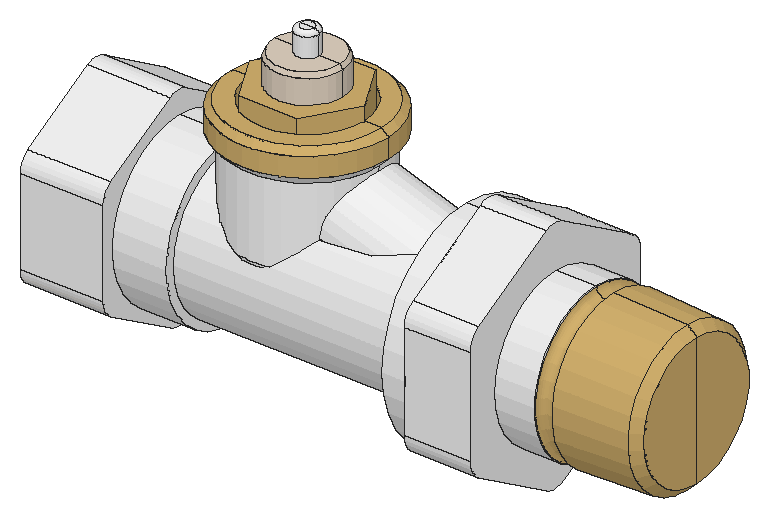
Revit family "Resideo_StraightTRV_V2000Dxxx", category Pipe Fittings, Revit 2019
Family settings
  Round Connector Dimension = Use Diameter
  Part Type = Transition
  OmniClass Number = 23.65.55.14
  OmniClass Title = Valves for Liquid Services
  Work Plane-Based = No
  Always vertical = Yes
  Cut with Voids When Loaded = No
  Shared = No
Parameters (values of type "V2000DSX20")
  pH-Value = "8 - 9.5"
  _ObjectUserGuide = "https://www.bimstore.co/products/straight-thermostatic-radiator-valve-v2000d/document/object-user-guide"
  _DistributedBy = "https://www.bimstore.co/"
  _CurrentRevision = 1
  _CreatedBy = "https://www.bimstore.co/"
  _BimSpecGuid = 0
  _BSBibleVersion = 16
  _AuthorizedBy = "bimstore"
  _Author = "AM"
  WarrantyStartDate [instance] = "Please record on commissioning"
  WarrantyGuarantorParts = "https://www.resideo.com/gb/en/contact-us/"
  WarrantyGuarantorLabor = "https://www.resideo.com/gb/en/contact-us/"
  WarrantyDurationUnit = "Year"
  WarrantyDurationParts = "0"
  WarrantyDurationLabor = "0"
  WarrantyDescription = "n/a"
  ValveType = "V2000, SX-type"
  ValveInsertMaterial = Resideo - Plastic - Ivory
  URL = "https://www.resideo.com/"
  TypeName = "V2000DSX20"
  Type Comments = "TRV BODY, DN20 STRAIGHT, SX, RP3/4"
  ThermostatConnectionType = "M30x1,5 (11,5 mm closing dimension)"
  SpareParts = "n/a"
  Size = "DN20"
  Shape = "n/a"
  SerialNumber [instance] = "Please record on commissioning"
  SecondaryMaterial = Resideo - Brass
  ReplacementCost = "n/a"
  ReferencedStandard = "n/a"
  ProductionYear = "2022"
  PrimaryMaterial = Resideo - Stainless Steel - Brushed
  PresettableKV = "Yes"
  NominalLength = 80.3 mm
  NominalHeight = 57.3 mm
  NominalDepth = 37.1 mm
  NBSReference = "90-10-90/364"
  NBSOfficeMasterTag = "n/a"
  NBSObjectName = "Resideo - Thermostatic radiator valves"
  NBSNote = "n/a"
  NBSDescription = "Thermostatic radiator valves"
  ModelReference = "TRV BODY, DN20 STRAIGHT, SX, RP3/4"
  ModelNumber = "V2000DSX20"
  Model = "V2000DSX20"
  MinimumMediumTemperature = "-10 °С (without freezing)"
  MediumType = "Water or water-glycol mixture, quality to VDI 2035"
  MaximumOperatingPressure = 10.0 bar
  MaximumMediumTemperature = "120 °С"
  MaximumDifferentialPressureForQuietOperation = 0.2 bar
  MaximumDifferentialPressure = 1.0 bar
  Material = "n/a"
  ManufacturerName = "Resideo"
  Manufacturer = "Resideo"
  Keynote = "R11/180"
  InstallationDate [instance] = "Please record on commissioning"
  InsertType = "VS1200SX01 (valve insert, SX-type)"
  IfcExportType = "IfcValveTypeEnum.REGULATING"
  IfcExportAs = "IfcValve"
  Grade = "n/a"
  FlowCapacity = 0.7 m³/h
  Finish = "n/a"
  Features = "n/a"
  ExpectedLife = 0
  DurationUnit = "Year"
  DocumentationTechnical = "https://www.bimstore.co/products/straight-thermostatic-radiator-valve-v2000d/document/technical-data-sheet"
  DocumentationMaintenance = "https://www.bimstore.co/products/straight-thermostatic-radiator-valve-v2000d/document/maintenance-information"
  DocumentationLiterature = "https://www.bimstore.co/products/straight-thermostatic-radiator-valve-v2000d/document/product-literature"
  DocumentationInstallationGuide = "https://www.bimstore.co/products/straight-thermostatic-radiator-valve-v2000d/document/installation-guide"
  DocumentationCertificates = "https://www.bimstore.co/products/straight-thermostatic-radiator-valve-v2000d/document/product-certificates"
  Description = "TRV BODY, DN20 STRAIGHT, SX, RP3/4"
  DNSize = 20.0 mm
  DN20 = ConnectionDia = 20.0 mm  # yes
  DN15 = ConnectionDia = 15.0 mm  # no
  DN10 = ConnectionDia = 10.0 mm  # no
  CreatedOn = "2022-04-05 T09:00:00"
  CreatedBy = "https://www.resideo.com/gb/en/contact-us/"
  Cost = 0
  Constituents = "n/a"
  ConnectorOffset = 80.3 mm
  ConnectionSize = "3/4 inch"
  ConnectionDia = 20.0 mm
  ConnectionRadius = ConnectionDia / 2  # 10.0 mm
  Color = "n/a"
  CodePerformance = "n/a"
  ClassificationValue = "Pr_65_54_95_89"
  ClassificationName = "Uniclass2015"
  BarCode [instance] = "Please record on commissioning"
  BIMObjectName = "Resideo_StraightTRV_V2000D"
  AssetType = "Fixed"
  AssetIdentifier [instance] = "Please record on commissioning"
  Assembly Code = "D2040100"
  AccessibilityPerformance = "n/a"
Types (6, lengths in mm): name | ValveType | ValveInsertMaterial | TypeName | Type Comments | Size | NominalLength | NominalHeight | NominalDepth | ModelReference | ModelNumber | Model | InsertType | FlowCapacity | Description | DNSize | DN20 | DN15 | DN10 | ConnectorOffset | ConnectionSize | ConnectionDia | ConnectionRadius
  V2000DSX10 | "V2000, SX-type" | Resideo - Plastic - Ivory | "V2000DSX10" | "TRV BODY, DN10 STRAIGHT, SX, RP3/8" | "DN10" | 65.7 | 53.5 | 30.0 | "TRV BODY, DN10 STRAIGHT, SX, RP3/8" | "V2000DSX10" | "V2000DSX10" | "VS1200SX01 (valve insert, SX-type)" | 0.7 m³/h | "TRV BODY, DN10 STRAIGHT, SX, RP3/8" | 10.0 | no | no | yes | 65.726 | "3/8 inch" | 10.0 | 5.0
  V2000DSX15 | "V2000, SX-type" | Resideo - Plastic - Ivory | "V2000DSX15" | "TRV BODY, DN15 STRAIGHT, SX, RP1/2" | "DN15" | 72.3 | 55.4 | 30.1 | "TRV BODY, DN15 STRAIGHT, SX, RP1/2" | "V2000DSX15" | "V2000DSX15" | "VS1200SX01 (valve insert, SX-type)" | 0.7 m³/h | "TRV BODY, DN15 STRAIGHT, SX, RP1/2" | 15.0 | no | yes | no | 72.3 | "1/2 inch" | 15.0 | 7.5
  V2000DSX20 | "V2000, SX-type" | Resideo - Plastic - Ivory | "V2000DSX20" | "TRV BODY, DN20 STRAIGHT, SX, RP3/4" | "DN20" | 80.3 | 57.3 | 37.1 | "TRV BODY, DN20 STRAIGHT, SX, RP3/4" | "V2000DSX20" | "V2000DSX20" | "VS1200SX01 (valve insert, SX-type)" | 0.7 m³/h | "TRV BODY, DN20 STRAIGHT, SX, RP3/4" | 20.0 | yes | no | no | 80.3 | "3/4 inch" | 20.0 | 10.0
  V2000DFX10 | "V2000, FX-type" | Resideo - Plastic - Red | "V2000DFX10" | "TRV BODY, DN10 STRAIGHT, FX, RP3/8" | "DN10" | 65.7 | 53.5 | 30.0 | "TRV BODY, DN10 STRAIGHT, FX, RP3/8" | "V2000DFX10" | "V2000DFX10" | "VS1200FX01 (valve insert, FX-type)" | 0.285 m³/h | "TRV BODY, DN10 STRAIGHT, FX, RP3/8" | 10.0 | no | no | yes | 65.726 | "3/8 inch" | 10.0 | 5.0
  V2000DFX15 | "V2000, FX-type" | Resideo - Plastic - Red | "V2000DFX15" | "TRV BODY, DN15 STRAIGHT, FX, RP1/2" | "DN15" | 72.3 | 55.4 | 30.1 | "TRV BODY, DN15 STRAIGHT, FX, RP1/2" | "V2000DFX15" | "V2000DFX15" | "VS1200FX01 (valve insert, FX-type)" | 0.285 m³/h | "TRV BODY, DN15 STRAIGHT, FX, RP1/2" | 15.0 | no | yes | no | 72.3 | "1/2 inch" | 15.0 | 7.5
  V2000DLX15 | "V2000, LX-type" | Resideo - Plastic - Dark Green | "V2000DLX15" | "TRV BODY, DN15 STRAIGHT, LX, RP1/2" | "DN15" | 72.3 | 55.4 | 30.1 | "TRV BODY, DN15 STRAIGHT, LX, RP1/2" | "V2000DLX15" | "V2000DLX15" | "VS1200LX01 (valve insert, LX-type)" | 1.08 m³/h | "TRV BODY, DN15 STRAIGHT, LX, RP1/2" | 15.0 | no | yes | no | 72.3 | "1/2 inch" | 15.0 | 7.5
Reference planes
  plane 1 "Center (Front/Back)": y = 0
  plane 2: z = 0
  plane 3 "Center (Left/Right)": x = 0
  plane 4: x = -40.15
  plane 5: x = 40.15
Forms (mm)
  Revolve 1, solid, material "Resideo - Stainless Steel - Brushed" <- "PrimaryMaterial", visible <- "DN10"
    sketch origin (0, 0, 0) x (1, 0, 0) y (0, 0, 1)
      loop
        line (-20.349, -8.3) -> (1.682, -8.3) -> (4.053, -8.677) -> (16.821, -8.677) -> (20.287, -12.142) -> (20.287, -13.5) -> (24.287, -13.5) -> (24.287, 0) -> (-20.349, 0) -> (-20.349, -8.3)
      loop
        line (38.831, -8.5) -> (38.831, 0) -> (32.863, 0) -> (32.863, -8.5) -> (38.831, -8.5)
      axis (-20.349, 0) -> (38.831, 0)
    angle from 0 to 360
  Extrusion 2, solid, material "Resideo - Stainless Steel - Brushed" <- "PrimaryMaterial", visible <- "DN10"
    sketch origin (0, 0, 0) x (0, 1, 0) y (0, 0, 1)
      loop
        line (-2.292, 11.379) -> (-8.708, 7.674)
        arc (-8.708, 7.674) -> (-10.386, 5.996) -> (-11, 3.705) r 4.583
        line (-11, 3.705) -> (-11, -3.705)
        arc (-11, -3.705) -> (-10.386, -5.996) -> (-8.708, -7.674) r 4.583
        line (-8.708, -7.674) -> (-2.292, -11.379)
        arc (-2.292, -11.379) -> (0, -11.993) -> (2.292, -11.379) r 4.583
        line (2.292, -11.379) -> (8.708, -7.674)
        arc (8.708, -7.674) -> (10.386, -5.996) -> (11, -3.705) r 4.583
        line (11, -3.705) -> (11, 3.705)
        arc (11, 3.705) -> (10.386, 5.996) -> (8.708, 7.674) r 4.583
        line (8.708, 7.674) -> (2.292, 11.379)
        arc (2.292, 11.379) -> (0, 11.993) -> (-2.292, 11.379) r 4.583
      loop
        circle (0, 0) r 10
    from -32.863 to -20.349
  Extrusion 3, solid, material "Resideo - Stainless Steel - Brushed" <- "PrimaryMaterial", visible <- "DN10"
    sketch origin (0, 0, 0) x (0, 1, 0) y (0, 0, 1)
      loop
        line (-8.87, 11.636) -> (-14.512, 1.864)
        arc (-14.512, 1.864) -> (-15.012, 0) -> (-14.512, -1.864) r 3.727
        line (-14.512, -1.864) -> (-8.87, -11.636)
        arc (-8.87, -11.636) -> (-7.506, -13.001) -> (-5.642, -13.5) r 3.727
        line (-5.642, -13.5) -> (5.642, -13.5)
        arc (5.642, -13.5) -> (7.506, -13.001) -> (8.87, -11.636) r 3.727
        line (8.87, -11.636) -> (14.512, -1.864)
        arc (14.512, -1.864) -> (15.012, 0) -> (14.512, 1.864) r 3.727
        line (14.512, 1.864) -> (8.87, 11.636)
        arc (8.87, 11.636) -> (7.506, 13.001) -> (5.642, 13.5) r 3.727
        line (5.642, 13.5) -> (-5.642, 13.5)
        arc (-5.642, 13.5) -> (-7.506, 13.001) -> (-8.87, 11.636) r 3.727
    from 24.287 to 32.863
  Revolve 4, solid, material "Resideo - Stainless Steel - Brushed" <- "PrimaryMaterial", visible <- "DN10"
    sketch origin (0, 0, 0) x (1, 0, 0) y (0, 0, 1)
      loop
        line (-4.782, 24.423) -> (-19.782, 24.423) -> (-16.782, 20.959) -> (-16.782, 5.66)
        spline (-16.782, 5.66) -> (-16.679, 5.133) -> (-16.373, 4.614) -> (-15.868, 4.113) -> (-15.174, 3.639) -> (-14.302, 3.199) -> (-13.267, 2.802) -> (-12.087, 2.453) -> (-10.782, 2.159) -> (-9.374, 1.925) -> (-7.888, 1.756) -> (-6.348, 1.652) -> (-4.782, 1.618)
        line (-4.782, 1.618) -> (-4.782, 24.423)
      axis (-4.782, 24.423) -> (-4.782, 1.618)
    angle from 0 to 360
  Revolve 5, solid, material "Resideo - Brass" <- "SecondaryMaterial", visible <- "DN10"
    sketch origin (0, 0, 0) x (1, 0, 0) y (0, 0, 1)
      loop
        line (-19.782, 24.423) -> (-4.782, 24.423) -> (-4.782, 25.423) -> (-16.032, 25.423) -> (-16.032, 28.185) -> (-18.282, 28.185) -> (-19.782, 26.685) -> (-19.782, 24.423)
      axis (-4.782, 24.423) -> (-4.782, 28.185)
    angle from 0 to 360
  Revolve 6, solid, material "Resideo - Stainless Steel - Brushed" <- "PrimaryMaterial", visible <- "DN10"
    sketch origin (0, 0, 0) x (1, 0, 0) y (0, 0, 1)
      loop
        line (-4.782, 40) -> (-5.965, 40)
        arc (-5.965, 40) -> (-6.528, 39.767) -> (-6.762, 39.203) r 0.797
        line (-6.762, 39.203) -> (-6.762, 35.95) -> (-4.782, 35.95) -> (-4.782, 40)
      axis (-4.782, 35.95) -> (-4.782, 40)
    angle from 0 to 360
  Extrusion 7, solid, material "Resideo - Brass" <- "SecondaryMaterial", visible <- "DN10"
    sketch origin (0, 0, 0) x (1, 0, 0) y (0, 1, 0)
      loop
        line (-16.032, 0) -> (-10.407, -9.743) -> (0.843, -9.743) -> (6.468, 0) -> (0.843, 9.743) -> (-10.407, 9.743) -> (-16.032, 0)
    from 25.423 to 30.95
  Revolve 8, solid, material "Resideo - Plastic - Ivory" <- "ValveInsertMaterial", visible <- "DN10"
    sketch origin (0, 0, 0) x (1, 0, 0) y (0, 0, 1)
      loop
        line (-4.782, 35.95) -> (-10.524, 35.95) -> (-10.986, 35.151) -> (-10.986, 30.95) -> (-4.782, 30.95) -> (-4.782, 35.95)
      axis (-4.782, 30.95) -> (-4.782, 35.95)
    angle from 0 to 360
  Revolve 9, solid, material "Resideo - Brass" <- "SecondaryMaterial", visible <- "DN10"
    sketch origin (0, 0, 0) x (1, 0, 0) y (0, 0, 1)
      loop
        line (49.381, -8.18) -> (50.93, -6.631) -> (50.93, 0) -> (38.831, 0) -> (38.831, -8.5)
        arc (38.831, -8.5) -> (39.804, -7.5) -> (40.83, -8.447) r 1
        line (40.83, -8.447) -> (49.381, -8.18)
      axis (38.831, 0) -> (50.93, 0)
    angle from 0 to 360
  Revolve 10, solid, material "Resideo - Stainless Steel - Brushed" <- "PrimaryMaterial", visible <- "DN15"
    sketch origin (0, 0, 0) x (1, 0, 0) y (0, 0, 1)
      loop
        line (26.162, -14.997) -> (26.162, 0) -> (-24.214, 0) -> (-24.214, -12.5) -> (-15.662, -12.5) -> (-15.662, -10.426) -> (17.902, -10.426) -> (22.162, -12.179) -> (22.162, -14.997) -> (26.162, -14.997)
      loop
        line (41.701, -10.605) -> (41.701, 0) -> (36.15, 0) -> (36.15, -10.605) -> (41.701, -10.605)
      axis (-24.214, 0) -> (41.701, 0)
    angle from 0 to 360
  Revolve 11, solid, material "Resideo - Brass" <- "SecondaryMaterial", visible <- "DN15"
    sketch origin (0, 0, 0) x (1, 0, 0) y (0, 0, 1)
      loop
        line (44.618, -10.605) -> (56.318, -10.24) -> (57.818, -8.784) -> (57.818, 0) -> (41.701, 0) -> (41.701, -10.605)
        arc (41.701, -10.605) -> (43.16, -9.486) -> (44.618, -10.605) r 1.51
      axis (41.701, 0) -> (57.818, 0)
    angle from 0 to 360
  Revolve 12, solid, material "Resideo - Stainless Steel - Brushed" <- "PrimaryMaterial", visible <- "DN15"
    sketch origin (0, 0, 0) x (1, 0, 0) y (0, 0, 1)
      loop
        line (-19.162, 22.923) -> (-16.162, 19.747) -> (-16.162, 6.291)
        spline (-16.162, 6.291) -> (-16.059, 5.699) -> (-15.753, 5.117) -> (-15.249, 4.555) -> (-14.554, 4.023) -> (-13.682, 3.53) -> (-12.647, 3.084) -> (-11.467, 2.693) -> (-10.162, 2.363) -> (-8.754, 2.101) -> (-7.268, 1.91) -> (-5.728, 1.794) -> (-4.162, 1.755)
        line (-4.162, 1.755) -> (-4.162, 22.923) -> (-19.162, 22.923)
      axis (-4.162, 22.923) -> (-4.162, 1.755)
    angle from 0 to 360
  Revolve 13, solid, material "Resideo - Brass" <- "SecondaryMaterial", visible <- "DN15"
    sketch origin (0, 0, 0) x (1, 0, 0) y (0, 0, 1)
      loop
        line (-19.162, 22.923) -> (-4.162, 22.923) -> (-4.162, 23.923) -> (-15.412, 23.923) -> (-15.412, 26.685) -> (-18.162, 26.685) -> (-19.162, 26) -> (-19.162, 22.923)
      axis (-4.162, 26.685) -> (-4.162, 22.923)
    angle from 0 to 360
  Revolve 14, solid, material "Resideo - Stainless Steel - Brushed" <- "PrimaryMaterial", visible <- "DN15"
    sketch origin (0, 0, 0) x (1, 0, 0) y (0, 0, 1)
      loop
        line (-4.162, 38.5) -> (-5.378, 38.5)
        arc (-5.378, 38.5) -> (-5.918, 38.276) -> (-6.142, 37.736) r 0.764
        line (-6.142, 37.736) -> (-6.142, 34.45) -> (-4.162, 34.45) -> (-4.162, 38.5)
      axis (-4.162, 34.45) -> (-4.162, 38.5)
    angle from 0 to 360
  Extrusion 15, solid, material "Resideo - Brass" <- "SecondaryMaterial", visible <- "DN15"
    sketch origin (0, 0, 0) x (1, 0, 0) y (0, 1, 0)
      loop
        line (-15.412, 0) -> (-9.787, -9.743) -> (1.463, -9.743) -> (7.088, 0) -> (1.463, 9.743) -> (-9.787, 9.743) -> (-15.412, 0)
    from 23.923 to 29.45
  Revolve 16, solid, material "Resideo - Plastic - Ivory" <- "ValveInsertMaterial", visible <- "DN15"
    sketch origin (0, 0, 0) x (1, 0, 0) y (0, 0, 1)
      loop
        line (-4.162, 34.45) -> (-9.904, 34.45) -> (-10.366, 33.651) -> (-10.366, 29.45) -> (-4.162, 29.45) -> (-4.162, 34.45)
      axis (-4.162, 29.45) -> (-4.162, 34.45)
    angle from 0 to 360
  Extrusion 17, solid, material "Resideo - Stainless Steel - Brushed" <- "PrimaryMaterial", visible <- "DN15"
    sketch origin (0, 0, 0) x (0, 1, 0) y (0, 0, 1)
      loop
        line (-1.789, 14.555) -> (-11.711, 8.827)
        arc (-11.711, 8.827) -> (-13.02, 7.518) -> (-13.5, 5.731) r 3.578
        line (-13.5, 5.731) -> (-13.5, -5.728)
        arc (-13.5, -5.728) -> (-13.021, -7.517) -> (-11.712, -8.826) r 3.578
        line (-11.712, -8.826) -> (-1.789, -14.555)
        arc (-1.789, -14.555) -> (-0.001, -15.035) -> (1.787, -14.556) r 3.578
        line (1.787, -14.556) -> (11.711, -8.827)
        arc (11.711, -8.827) -> (13.021, -7.517) -> (13.5, -5.728) r 3.578
        line (13.5, -5.728) -> (13.5, 5.73)
        arc (13.5, 5.73) -> (13.02, 7.518) -> (11.711, 8.827) r 3.578
        line (11.711, 8.827) -> (1.789, 14.555)
        arc (1.789, 14.555) -> (0, 15.035) -> (-1.789, 14.555) r 3.578
      loop
        circle (0, 0) r 10
    from -36.15 to -24.214
  Extrusion 18, solid, material "Resideo - Stainless Steel - Brushed" <- "PrimaryMaterial", visible <- "DN15"
    sketch origin (0, 0, 0) x (0, 1, 0) y (0, 0, 1)
      loop
        line (-15.053, 6.773) -> (-15.053, -6.773)
        arc (-15.053, -6.773) -> (-14.608, -8.434) -> (-13.393, -9.65) r 3.322
        line (-13.393, -9.65) -> (-1.661, -16.423)
        arc (-1.661, -16.423) -> (0, -16.868) -> (1.661, -16.423) r 3.322
        line (1.661, -16.423) -> (13.393, -9.65)
        arc (13.393, -9.65) -> (14.608, -8.434) -> (15.053, -6.773) r 3.322
        line (15.053, -6.773) -> (15.053, 6.773)
        arc (15.053, 6.773) -> (14.608, 8.434) -> (13.393, 9.65) r 3.322
        line (13.393, 9.65) -> (1.661, 16.423)
        arc (1.661, 16.423) -> (0, 16.868) -> (-1.661, 16.423) r 3.322
        line (-1.661, 16.423) -> (-13.393, 9.65)
        arc (-13.393, 9.65) -> (-14.608, 8.434) -> (-15.053, 6.773) r 3.322
    from 26.162 to 36.15
  Extrusion 19, solid, material "Resideo - Stainless Steel - Brushed" <- "PrimaryMaterial", visible <- "DN15"
    sketch origin (0, 0, 0) x (1, 0, 0) y (0, 0, 1)
      loop
        line (4.836, 20.92) -> (-1.977, 8.629) -> (17.595, -2.22) -> (24.408, 10.071) -> (4.836, 20.92)
    from -7.5 to 7.5
  Extrusion 20, void
    sketch origin (4.836, 0, 20.92) x (-0.48481, 0, -0.87462) y (0, -1, 0)
      loop
        line (-0.972, 7.5) -> (-0.972, -7.5) -> (7.5, -7.5)
        arc (7.5, -7.5) -> (0, 0) -> (7.5, 7.5) r 7.5
        line (7.5, 7.5) -> (-0.972, 7.5)
    from -22.378 to 0
  Revolve 21, solid, material "Resideo - Stainless Steel - Brushed" <- "PrimaryMaterial", visible <- "DN20"
    sketch origin (0, 0, -1.433) x (1, 0, 0) y (0, 0, 1)
      loop
        line (40.15, -11.967) -> (47.314, -11.967) -> (47.314, 1.433) -> (40.15, 1.433) -> (40.15, -11.967)
      loop
        line (28.671, -17.067) -> (28.671, 1.433) -> (-25.671, 1.433) -> (-25.671, -13.233) -> (-16.129, -13.233) -> (-16.129, -11.733) -> (21.855, -11.733) -> (24.671, -17.067) -> (28.671, -17.067)
      axis (-25.671, 1.433) -> (47.314, 1.433)
    angle from 0 to 360
  Revolve 22, solid, material "Resideo - Brass" <- "SecondaryMaterial", visible <- "DN20"
    sketch origin (0, 0, -1.433) x (1, 0, 0) y (0, 0, 1)
      loop
        line (50.314, -11.944) -> (63.265, -11.484) -> (64.814, -9.991) -> (64.814, 1.433) -> (47.314, 1.433) -> (47.314, -11.967)
        arc (47.314, -11.967) -> (48.802, -10.457) -> (50.314, -11.944) r 1.5
      axis (47.314, 1.433) -> (64.814, 1.433)
    angle from 0 to 360
  Extrusion 23, solid, material "Resideo - Stainless Steel - Brushed" <- "PrimaryMaterial", visible <- "DN20"
    sketch origin (0, 0, -1.433) x (0, 1, 0) y (0, 0, 1)
      loop
        line (-18.541, 9.943) -> (-18.541, -7.078)
        arc (-18.541, -7.078) -> (-18.031, -8.978) -> (-16.641, -10.369) r 3.8
        line (-16.641, -10.369) -> (-1.9, -18.879)
        arc (-1.9, -18.879) -> (0, -19.388) -> (1.9, -18.879) r 3.8
        line (1.9, -18.879) -> (16.641, -10.369)
        arc (16.641, -10.369) -> (18.032, -8.978) -> (18.541, -7.078) r 3.8
        line (18.541, -7.078) -> (18.541, 9.943)
        arc (18.541, 9.943) -> (18.031, 11.843) -> (16.641, 13.234) r 3.8
        line (16.641, 13.234) -> (1.9, 21.745)
        arc (1.9, 21.745) -> (0, 22.254) -> (-1.9, 21.745) r 3.8
        line (-1.9, 21.745) -> (-16.641, 13.234)
        arc (-16.641, 13.234) -> (-18.032, 11.843) -> (-18.541, 9.943) r 3.8
    from 28.671 to 40.15
  Revolve 24, solid, material "Resideo - Stainless Steel - Brushed" <- "PrimaryMaterial", visible <- "DN20"
    sketch origin (0, 0, -1.433) x (1, 0, 0) y (0, 0, 1)
      loop
        line (-3.171, 37.933) -> (-4.4, 37.933)
        arc (-4.4, 37.933) -> (-4.931, 37.713) -> (-5.151, 37.182) r 0.75
        line (-5.151, 37.182) -> (-5.151, 33.883) -> (-3.171, 33.883) -> (-3.171, 37.933)
      axis (-3.171, 33.883) -> (-3.171, 37.933)
    angle from 0 to 360
  Revolve 25, solid, material "Resideo - Stainless Steel - Brushed" <- "PrimaryMaterial", visible <- "DN20"
    sketch origin (0, 0, -1.433) x (1, 0, 0) y (0, 0, 1)
      loop
        line (-3.171, 21.922) -> (-17.343, 21.922) -> (-15.671, 20.25) -> (-15.671, 6.579)
        spline (-15.671, 6.579) -> (-15.564, 6.025) -> (-15.245, 5.481) -> (-14.719, 4.955) -> (-13.996, 4.457) -> (-13.088, 3.996) -> (-12.009, 3.579) -> (-10.78, 3.213) -> (-9.421, 2.904) -> (-7.954, 2.659) -> (-6.406, 2.48) -> (-4.802, 2.372) -> (-3.171, 2.336)
        line (-3.171, 2.336) -> (-3.171, 21.922)
      axis (-3.171, 21.922) -> (-3.171, 2.336)
    angle from 0 to 360
  Extrusion 26, solid, material "Resideo - Stainless Steel - Brushed" <- "PrimaryMaterial", visible <- "DN20"
    sketch origin (0, 0, 0) x (0, 1, 0) y (0, 0, 1)
      loop
        line (-1.733, 18.051) -> (-14.766, 10.526)
        arc (-14.766, 10.526) -> (-16.034, 9.257) -> (-16.499, 7.524) r 3.466
        line (-16.499, 7.524) -> (-16.499, -7.524)
        arc (-16.499, -7.524) -> (-16.034, -9.257) -> (-14.766, -10.526) r 3.466
        line (-14.766, -10.526) -> (-1.733, -18.051)
        arc (-1.733, -18.051) -> (0, -18.515) -> (1.733, -18.051) r 3.466
        line (1.733, -18.051) -> (14.766, -10.526)
        arc (14.766, -10.526) -> (16.034, -9.257) -> (16.499, -7.524) r 3.466
        line (16.499, -7.524) -> (16.499, 7.524)
        arc (16.499, 7.524) -> (16.034, 9.257) -> (14.766, 10.526) r 3.466
        line (14.766, 10.526) -> (1.733, 18.051)
        arc (1.733, 18.051) -> (0, 18.515) -> (-1.733, 18.051) r 3.466
      loop
        circle (0, 0) r 10
    from -40.15 to -25.671
  Revolve 27, solid, material "Resideo - Brass" <- "SecondaryMaterial", visible <- "DN20"
    sketch origin (0, 0, -4.51) x (1, 0, 0) y (0, 0, 1)
      loop
        line (-17.343, 25) -> (-3.171, 25) -> (-3.171, 26) -> (-13.171, 26) -> (-13.171, 29.51) -> (-16.251, 29.51) -> (-17.343, 28.419) -> (-17.343, 25)
      axis (-3.171, 29.51) -> (-3.171, 25)
    angle from 0 to 360
  Extrusion 28, solid, material "Resideo - Brass" <- "SecondaryMaterial", visible <- "DN20"
    sketch origin (0, 0, 0) x (1, 0, 0) y (0, 1, 0)
      loop
        line (-13.171, 0) -> (-8.171, -8.66) -> (1.829, -8.66) -> (6.829, 0) -> (1.829, 8.66) -> (-8.171, 8.66) -> (-13.171, 0)
    from 21.49 to 27.45
  Revolve 29, solid, material "Resideo - Plastic - Ivory" <- "ValveInsertMaterial", visible <- "DN20"
    sketch origin (0, 0, 0) x (1, 0, 0) y (0, 0, 1)
      loop
        line (-3.171, 32.45) -> (-8.913, 32.45) -> (-9.374, 31.651) -> (-9.374, 27.45) -> (-3.171, 27.45) -> (-3.171, 32.45)
      axis (-3.171, 27.45) -> (-3.171, 32.45)
    angle from 0 to 360
  Extrusion 30, solid, material "Resideo - Stainless Steel - Brushed" <- "PrimaryMaterial", visible <- "DN10"
    sketch origin (0, 0, 0) x (1, 0, 0) y (0, 0, 1)
      loop
        line (5.136, 24.059) -> (-6.057, 13.981) -> (10.671, -4.598) -> (21.864, 5.481) -> (5.136, 24.059)
    from -7 to 7
  Extrusion 31, void
    sketch origin (5.136, 0, 24.059) x (-0.743145, 0, -0.669131) y (0, -1, 0)
      loop
        line (7, 7) -> (-3, 7) -> (-3, -7) -> (7, -7)
        arc (7, -7) -> (0, 0) -> (7, 7) r 7
    from -25 to 0
  Extrusion 32, solid, material "Resideo - Stainless Steel - Brushed" <- "PrimaryMaterial", visible <- "DN20"
    sketch origin (0, 0, 0) x (1, 0, 0) y (0, 0, 1)
      loop
        line (3.781, 19.962) -> (-0.258, 7.529) -> (23.518, -0.196) -> (27.558, 12.236) -> (3.781, 19.962)
    from -8.66 to 8.66
  Extrusion 33, void
    sketch origin (0.923, 0, 11.164) x (0.309017, 0, 0.951057) y (0, 1, 0)
      loop
        line (0.59, -8.66) -> (10.59, -8.66) -> (10.59, 8.66) -> (0.59, 8.66)
        arc (0.59, 8.66) -> (9.25, 0) -> (0.59, -8.66) r 8.66
    from -25 to 0
  Extrusion 34, solid, not visible
    sketch origin (0, 0, 0) x (0, 1, 0) y (0, 0, 1)
      loop
        circle (0, 0) r 2.5
    from -40.15 to 40.15
Cuts and joins
  Extrusion 20 cuts Extrusion 19
  joined: Revolve 10, Revolve 12, Extrusion 19
  Extrusion 31 cuts Extrusion 30
  joined: Revolve 1, Revolve 4, Extrusion 30
  Extrusion 33 cuts Extrusion 32
  joined: Revolve 21, Revolve 25, Extrusion 32
Dimensions and locks
  equal spacing: plane 5, plane 3 "Center (Left/Right)", plane 4
  "ConnectorOffset": plane 5 to plane 4
  "ConnectionRadius": radius of Extrusion 26 sketch curve
  "ConnectionRadius": radius of Extrusion 2 sketch curve
  "ConnectionRadius": radius of Extrusion 17 sketch curve
  radius of Extrusion 34 sketch curve = 2.5 mm
  aligned and locked: level to plane 2
  aligned and locked: level to Extrusion 26 sketch curve
  aligned and locked: plane 1 "Center (Front/Back)" to Extrusion 26 sketch curve
  aligned and locked: level to Extrusion 2 sketch curve
  aligned and locked: plane 1 "Center (Front/Back)" to Extrusion 2 sketch curve
  aligned and locked: level to Extrusion 17 sketch curve
  aligned and locked: plane 1 "Center (Front/Back)" to Extrusion 17 sketch curve
  aligned and locked: level to Extrusion 34 sketch curve
  aligned and locked: plane 1 "Center (Front/Back)" to Extrusion 34 sketch curve
  aligned and locked: Extrusion 34 to plane 4
  aligned and locked: Extrusion 34 to plane 5
Automatic sketch dimensions
  Revolve 1 sketch curve to level = 0.0 mm  (x3)
  Revolve 1 sketch curve to plane 3 "Center (Left/Right)" = 20.349 mm
  plane 3 "Center (Left/Right)" to Revolve 1 sketch curve = 1.682 mm
  Revolve 1 sketch curve to Revolve 1 sketch curve = 2.371 mm
  Revolve 1 sketch curve to Revolve 1 sketch curve = 12.768 mm
  Revolve 1 sketch curve to Revolve 1 sketch curve = 3.465 mm  (x2)
  Revolve 1 sketch curve to Revolve 1 sketch curve = 4.0 mm
  Revolve 1 sketch curve to Revolve 1 sketch curve = 8.576 mm
  Revolve 1 sketch curve to Revolve 1 sketch curve = 5.968 mm
  Revolve 1 sketch curve to level = 8.3 mm
  Revolve 1 sketch curve to level = 8.5 mm
  Revolve 1 sketch curve to Revolve 1 sketch curve = 0.377 mm
  Revolve 1 sketch curve to Revolve 1 sketch curve = 1.358 mm
  Revolve 1 sketch curve to Revolve 1 sketch curve = 5.647 mm
  plane 3 "Center (Left/Right)" to Revolve 1 sketch curve = 9.998 mm
  Extrusion 3 sketch curve to level = 0.0 mm  (x2)
  level to Extrusion 3 sketch curve = 1.864 mm  (x2)
  plane 1 "Center (Front/Back)" to Extrusion 3 sketch curve = 14.512 mm
  Extrusion 3 sketch curve to level = 1.864 mm  (x2)
  Extrusion 3 sketch curve to Extrusion 3 sketch curve = 3.228 mm  (x6)
  plane 1 "Center (Front/Back)" to Extrusion 3 sketch curve = 8.87 mm  (x2)
  Extrusion 3 sketch curve to plane 1 "Center (Front/Back)" = 5.642 mm  (x2)
  Extrusion 3 sketch curve to Extrusion 3 sketch curve = 5.642 mm
  Extrusion 3 sketch curve to level = 9.773 mm  (x2)
  Extrusion 3 sketch curve to Extrusion 3 sketch curve = 1.864 mm  (x2)
  level to Extrusion 3 sketch curve = 9.773 mm  (x2)
  Revolve 4 sketch curve to plane 3 "Center (Left/Right)" = 19.782 mm
  Revolve 4 sketch curve to Revolve 4 sketch curve = 3.0 mm
  Revolve 4 sketch curve to plane 3 "Center (Left/Right)" = 4.782 mm
  level to Revolve 4 sketch curve = 1.618 mm
  level to Revolve 4 sketch curve = 5.66 mm
  Revolve 4 sketch curve to Revolve 4 sketch curve = 15.298 mm
  Revolve 4 sketch curve to Revolve 4 sketch curve = 3.464 mm
  Revolve 4 sketch curve to Revolve 4 sketch curve = 0.0 mm
  Revolve 4 sketch curve to level = 4.954 mm
  Revolve 4 sketch curve to Revolve 4 sketch curve = 1.777 mm
  Revolve 5 sketch curve to plane 3 "Center (Left/Right)" = 19.782 mm
  Revolve 5 sketch curve to Revolve 5 sketch curve = 1.5 mm  (x2)
  Revolve 5 sketch curve to Revolve 5 sketch curve = 2.25 mm
  Revolve 5 sketch curve to plane 3 "Center (Left/Right)" = 4.782 mm
  level to Revolve 5 sketch curve = 24.423 mm
  Revolve 5 sketch curve to Revolve 5 sketch curve = 1.0 mm
  Revolve 5 sketch curve to Revolve 5 sketch curve = 2.263 mm
  Revolve 5 sketch curve to Revolve 5 sketch curve = 0.0 mm
  Revolve 5 sketch curve to Revolve 5 sketch curve = 2.981 mm
  Revolve 5 sketch curve to Revolve 5 sketch curve = 1.702 mm
  plane 1 "Center (Front/Back)" to Extrusion 7 sketch curve = 0.0 mm  (x2)
  Extrusion 7 sketch curve to plane 3 "Center (Left/Right)" = 16.032 mm
  Extrusion 7 sketch curve to plane 3 "Center (Left/Right)" = 10.407 mm  (x2)
  plane 3 "Center (Left/Right)" to Extrusion 7 sketch curve = 0.843 mm  (x2)
  plane 3 "Center (Left/Right)" to Extrusion 7 sketch curve = 6.468 mm
  plane 1 "Center (Front/Back)" to Extrusion 7 sketch curve = 9.743 mm
  Extrusion 7 sketch curve to plane 1 "Center (Front/Back)" = 9.743 mm
  Revolve 9 sketch curve to level = 0.0 mm  (x2)
  plane 3 "Center (Left/Right)" to Revolve 9 sketch curve = 38.831 mm
  Revolve 9 sketch curve to Revolve 9 sketch curve = 1.0 mm
  Revolve 9 sketch curve to level = 8.447 mm
  Revolve 9 sketch curve to Revolve 9 sketch curve = 0.999 mm
  Revolve 9 sketch curve to level = 8.18 mm
  Revolve 9 sketch curve to Revolve 9 sketch curve = 8.552 mm
  Revolve 9 sketch curve to Revolve 9 sketch curve = 1.548 mm  (x2)
  Revolve 9 sketch curve to Revolve 9 sketch curve = 2.033 mm
  Revolve 9 sketch curve to Revolve 9 sketch curve = 1.308 mm
  Revolve 10 sketch curve to level = 0.0 mm  (x3)
  Revolve 10 sketch curve to plane 3 "Center (Left/Right)" = 24.214 mm
  Revolve 10 sketch curve to Revolve 10 sketch curve = 8.552 mm
  plane 3 "Center (Left/Right)" to Revolve 10 sketch curve = 17.902 mm
  Revolve 10 sketch curve to Revolve 10 sketch curve = 4.26 mm
  Revolve 10 sketch curve to Revolve 10 sketch curve = 4.0 mm
  Revolve 10 sketch curve to Revolve 10 sketch curve = 9.988 mm
  Revolve 10 sketch curve to Revolve 10 sketch curve = 5.551 mm
  Revolve 10 sketch curve to level = 10.426 mm
  Revolve 10 sketch curve to level = 10.605 mm
  Revolve 10 sketch curve to Revolve 10 sketch curve = 1.752 mm
  Revolve 10 sketch curve to Revolve 10 sketch curve = 2.074 mm
  Revolve 10 sketch curve to Revolve 10 sketch curve = 2.818 mm
  Revolve 10 sketch curve to Revolve 10 sketch curve = 16.74 mm
  Revolve 10 sketch curve to Revolve 10 sketch curve = 22.345 mm
  Revolve 11 sketch curve to level = 0.0 mm  (x2)
  plane 3 "Center (Left/Right)" to Revolve 11 sketch curve = 41.701 mm
  Revolve 11 sketch curve to Revolve 11 sketch curve = 1.459 mm  (x2)
  Revolve 11 sketch curve to level = 10.605 mm
  Revolve 11 sketch curve to level = 10.24 mm
  Revolve 11 sketch curve to Revolve 11 sketch curve = 11.7 mm
  Revolve 11 sketch curve to Revolve 11 sketch curve = 1.5 mm
  Revolve 11 sketch curve to Revolve 11 sketch curve = 0.392 mm
  Revolve 11 sketch curve to Revolve 11 sketch curve = 1.456 mm
  Revolve 11 sketch curve to Revolve 11 sketch curve = 1.926 mm
  Revolve 11 sketch curve to Revolve 11 sketch curve = 8.453 mm
  Revolve 12 sketch curve to plane 3 "Center (Left/Right)" = 19.162 mm
  Revolve 12 sketch curve to Revolve 12 sketch curve = 3.0 mm
  level to Revolve 12 sketch curve = 1.755 mm
  Revolve 12 sketch curve to plane 3 "Center (Left/Right)" = 4.162 mm
  level to Revolve 12 sketch curve = 6.291 mm
  Revolve 12 sketch curve to Revolve 12 sketch curve = 13.456 mm
  Revolve 12 sketch curve to Revolve 12 sketch curve = 3.175 mm
  Revolve 12 sketch curve to Revolve 12 sketch curve = 0.0 mm
  Revolve 12 sketch curve to level = 0.709 mm
  Revolve 12 sketch curve to Revolve 12 sketch curve = 4.075 mm
  Revolve 13 sketch curve to plane 3 "Center (Left/Right)" = 19.162 mm
  Revolve 13 sketch curve to Revolve 13 sketch curve = 1.0 mm  (x2)
  Revolve 13 sketch curve to Revolve 13 sketch curve = 2.75 mm
  Revolve 13 sketch curve to plane 3 "Center (Left/Right)" = 4.162 mm
  level to Revolve 13 sketch curve = 22.923 mm
  Revolve 13 sketch curve to Revolve 13 sketch curve = 3.077 mm
  Revolve 13 sketch curve to Revolve 13 sketch curve = 0.685 mm
  Revolve 13 sketch curve to Revolve 13 sketch curve = 0.0 mm
  Revolve 13 sketch curve to Revolve 13 sketch curve = 3.175 mm
  Revolve 13 sketch curve to Revolve 13 sketch curve = 3.856 mm
  plane 1 "Center (Front/Back)" to Extrusion 15 sketch curve = 0.0 mm  (x2)
  Extrusion 15 sketch curve to plane 3 "Center (Left/Right)" = 15.412 mm
  Extrusion 15 sketch curve to plane 3 "Center (Left/Right)" = 9.787 mm  (x2)
  plane 3 "Center (Left/Right)" to Extrusion 15 sketch curve = 1.463 mm  (x2)
  plane 3 "Center (Left/Right)" to Extrusion 15 sketch curve = 7.088 mm
  plane 1 "Center (Front/Back)" to Extrusion 15 sketch curve = 9.743 mm
  Extrusion 15 sketch curve to plane 1 "Center (Front/Back)" = 9.743 mm
  Extrusion 18 sketch curve to plane 1 "Center (Front/Back)" = 0.0 mm  (x2)
  plane 1 "Center (Front/Back)" to Extrusion 18 sketch curve = 1.661 mm  (x2)
  plane 1 "Center (Front/Back)" to Extrusion 18 sketch curve = 11.732 mm  (x2)
  Extrusion 18 sketch curve to Extrusion 18 sketch curve = 1.661 mm  (x5)
  Extrusion 18 sketch curve to plane 1 "Center (Front/Back)" = 1.661 mm  (x2)
  Extrusion 18 sketch curve to plane 1 "Center (Front/Back)" = 11.732 mm  (x2)
  Extrusion 18 sketch curve to Extrusion 18 sketch curve = 3.322 mm
  Extrusion 18 sketch curve to level = 16.423 mm
  Extrusion 18 sketch curve to Extrusion 18 sketch curve = 2.877 mm  (x2)
  Extrusion 18 sketch curve to level = 9.65 mm  (x2)
  level to Extrusion 18 sketch curve = 6.773 mm  (x2)
  level to Extrusion 18 sketch curve = 13.547 mm
  Extrusion 19 sketch curve to plane 3 "Center (Left/Right)" = 1.977 mm
  plane 3 "Center (Left/Right)" to Extrusion 19 sketch curve = 4.836 mm
  Extrusion 19 sketch curve to level = 2.22 mm
  plane 3 "Center (Left/Right)" to Extrusion 19 sketch curve = 17.595 mm
  level to Extrusion 19 sketch curve = 8.629 mm
  Extrusion 19 to Extrusion 20 sketch curve = 0.0 mm  (x3)
  Extrusion 20 sketch curve to Extrusion 19 = 0.0 mm
  Extrusion 20 sketch curve to Extrusion 19 = 0.972 mm
  Extrusion 20 sketch curve to Extrusion 19 = 6.553 mm
  Extrusion 20 sketch curve to Extrusion 20 sketch curve = 0.0 mm  (x2)
  Revolve 21 sketch curve to level = 0.0 mm  (x3)
  Revolve 21 sketch curve to plane 3 "Center (Left/Right)" = 25.671 mm
  Revolve 21 sketch curve to Revolve 21 sketch curve = 9.541 mm
  plane 3 "Center (Left/Right)" to Revolve 21 sketch curve = 21.855 mm
  Revolve 21 sketch curve to Revolve 21 sketch curve = 2.816 mm
  Revolve 21 sketch curve to Revolve 21 sketch curve = 6.816 mm
  Revolve 21 sketch curve to Revolve 21 sketch curve = 11.479 mm
  Revolve 21 sketch curve to Revolve 21 sketch curve = 7.164 mm
  Revolve 21 sketch curve to level = 13.166 mm
  Revolve 21 sketch curve to Revolve 21 sketch curve = 13.4 mm
  Revolve 21 sketch curve to Revolve 21 sketch curve = 1.5 mm
  Revolve 21 sketch curve to Revolve 21 sketch curve = 5.334 mm
  Revolve 21 sketch curve to Revolve 21 sketch curve = 25.0 mm
  Revolve 21 sketch curve to Revolve 21 sketch curve = 18.084 mm
  Revolve 22 sketch curve to level = 0.0 mm  (x2)
  plane 3 "Center (Left/Right)" to Revolve 22 sketch curve = 47.314 mm
  Revolve 22 sketch curve to Revolve 22 sketch curve = 1.5 mm  (x2)
  Revolve 22 sketch curve to level = 13.377 mm
  Revolve 22 sketch curve to level = 12.917 mm
  Revolve 22 sketch curve to Revolve 22 sketch curve = 12.952 mm
  Revolve 22 sketch curve to level = 11.424 mm
  Revolve 22 sketch curve to Revolve 22 sketch curve = 1.548 mm
  Revolve 22 sketch curve to Revolve 22 sketch curve = 0.013 mm
  Revolve 22 sketch curve to Revolve 22 sketch curve = 13.773 mm
  Revolve 22 sketch curve to Revolve 22 sketch curve = 12.903 mm
  level to Extrusion 23 sketch curve = 8.511 mm  (x2)
  plane 1 "Center (Front/Back)" to Extrusion 23 sketch curve = 18.541 mm
  Extrusion 23 sketch curve to level = 8.511 mm
  Extrusion 23 sketch curve to Extrusion 23 sketch curve = 0.0 mm  (x2)
  level to Extrusion 23 sketch curve = 11.801 mm
  Extrusion 23 sketch curve to Extrusion 23 sketch curve = 1.9 mm  (x7)
  Extrusion 23 sketch curve to level = 11.801 mm
  Extrusion 23 sketch curve to Extrusion 23 sketch curve = 3.8 mm
  plane 1 "Center (Front/Back)" to Extrusion 23 sketch curve = 1.9 mm  (x2)
  plane 1 "Center (Front/Back)" to Extrusion 23 sketch curve = 0.0 mm
  Extrusion 23 sketch curve to plane 1 "Center (Front/Back)" = 0.0 mm
  Extrusion 23 sketch curve to plane 1 "Center (Front/Back)" = 1.9 mm  (x2)
  Extrusion 23 sketch curve to plane 1 "Center (Front/Back)" = 14.741 mm  (x2)
  Extrusion 23 sketch curve to level = 8.51 mm
  Extrusion 23 sketch curve to level = 17.021 mm
  Extrusion 23 sketch curve to Extrusion 23 sketch curve = 3.291 mm  (x3)
  Extrusion 23 sketch curve to Extrusion 23 sketch curve = 8.51 mm
  Revolve 25 sketch curve to plane 3 "Center (Left/Right)" = 17.343 mm
  Revolve 25 sketch curve to Revolve 25 sketch curve = 1.672 mm  (x2)
  level to Revolve 25 sketch curve = 0.903 mm
  Revolve 25 sketch curve to plane 3 "Center (Left/Right)" = 3.171 mm  (x2)
  level to Revolve 25 sketch curve = 5.147 mm
  Revolve 25 sketch curve to Revolve 25 sketch curve = 13.671 mm
  Revolve 25 sketch curve to level = 1.433 mm
  Revolve 25 sketch curve to Revolve 25 sketch curve = 17.827 mm
  Revolve 27 sketch curve to plane 3 "Center (Left/Right)" = 17.343 mm
  Revolve 27 sketch curve to Revolve 27 sketch curve = 1.092 mm  (x2)
  Revolve 27 sketch curve to Revolve 27 sketch curve = 3.08 mm
  Revolve 27 sketch curve to plane 3 "Center (Left/Right)" = 3.171 mm  (x2)
  level to Revolve 27 sketch curve = 20.49 mm
  Revolve 27 sketch curve to Revolve 27 sketch curve = 1.0 mm
  Revolve 27 sketch curve to Revolve 27 sketch curve = 3.419 mm
  Revolve 27 sketch curve to Revolve 27 sketch curve = 5.45 mm
  Revolve 27 sketch curve to Revolve 27 sketch curve = 9.949 mm
  plane 1 "Center (Front/Back)" to Extrusion 28 sketch curve = 0.0 mm  (x2)
  Extrusion 28 sketch curve to plane 3 "Center (Left/Right)" = 13.171 mm
  Extrusion 28 sketch curve to plane 3 "Center (Left/Right)" = 8.171 mm  (x2)
  plane 3 "Center (Left/Right)" to Extrusion 28 sketch curve = 1.829 mm  (x2)
  plane 3 "Center (Left/Right)" to Extrusion 28 sketch curve = 6.829 mm
  plane 1 "Center (Front/Back)" to Extrusion 28 sketch curve = 8.66 mm
  Extrusion 28 sketch curve to plane 1 "Center (Front/Back)" = 8.66 mm
  Extrusion 30 sketch curve to plane 3 "Center (Left/Right)" = 6.057 mm
  plane 3 "Center (Left/Right)" to Extrusion 30 sketch curve = 5.136 mm
  Extrusion 30 sketch curve to level = 4.598 mm
  plane 3 "Center (Left/Right)" to Extrusion 30 sketch curve = 10.671 mm
  level to Extrusion 30 sketch curve = 5.481 mm
  Extrusion 30 to Extrusion 31 sketch curve = 0.0 mm  (x2)
  Extrusion 30 to Extrusion 31 sketch curve = 7.0 mm
  Extrusion 31 sketch curve to Extrusion 30 = 3.0 mm
  Extrusion 32 sketch curve to plane 3 "Center (Left/Right)" = 0.258 mm
  plane 3 "Center (Left/Right)" to Extrusion 32 sketch curve = 3.781 mm
  Extrusion 32 sketch curve to level = 0.196 mm
  plane 3 "Center (Left/Right)" to Extrusion 32 sketch curve = 23.518 mm
  level to Extrusion 32 sketch curve = 7.529 mm
  Extrusion 32 to Extrusion 33 sketch curve = 0.0 mm  (x2)
  Extrusion 33 sketch curve to Extrusion 32 = 4.412 mm
  Extrusion 33 sketch curve to Extrusion 32 = 1.34 mm
  Revolve 8 sketch curve to plane 3 "Center (Left/Right)" = 10.986 mm
  Revolve 8 sketch curve to Revolve 8 sketch curve = 0.461 mm
  Revolve 8 sketch curve to Revolve 8 sketch curve = 5.742 mm
  Revolve 8 sketch curve to Revolve 8 sketch curve = 4.201 mm
  Revolve 8 sketch curve to Revolve 8 sketch curve = 0.799 mm
  Revolve 8 sketch curve to Revolve 8 sketch curve = 0.0 mm  (x2)
  Revolve 8 sketch curve to Revolve 8 sketch curve = 2.8 mm
  level to Revolve 8 sketch curve = 30.95 mm
  Revolve 6 sketch curve to plane 3 "Center (Left/Right)" = 6.762 mm
  Revolve 6 sketch curve to Revolve 6 sketch curve = 0.797 mm
  Revolve 6 sketch curve to Revolve 6 sketch curve = 1.183 mm
  level to Revolve 6 sketch curve = 35.95 mm
  Revolve 6 sketch curve to Revolve 6 sketch curve = 3.253 mm
  Revolve 6 sketch curve to Revolve 6 sketch curve = 0.0 mm
  Revolve 6 sketch curve to Revolve 6 sketch curve = 0.508 mm
  Revolve 6 sketch curve to Revolve 6 sketch curve = 1.835 mm
  Revolve 16 sketch curve to plane 3 "Center (Left/Right)" = 10.366 mm
  Revolve 16 sketch curve to Revolve 16 sketch curve = 0.461 mm
  Revolve 16 sketch curve to plane 3 "Center (Left/Right)" = 4.162 mm
  Revolve 16 sketch curve to Revolve 16 sketch curve = 4.201 mm
  Revolve 16 sketch curve to Revolve 16 sketch curve = 0.799 mm
  Revolve 16 sketch curve to Revolve 16 sketch curve = 0.0 mm  (x2)
  Revolve 16 sketch curve to Revolve 16 sketch curve = 2.8 mm
  level to Revolve 16 sketch curve = 29.45 mm
  Revolve 14 sketch curve to plane 3 "Center (Left/Right)" = 6.142 mm
  Revolve 14 sketch curve to Revolve 14 sketch curve = 0.764 mm
  Revolve 14 sketch curve to Revolve 14 sketch curve = 1.216 mm
  level to Revolve 14 sketch curve = 34.45 mm
  Revolve 14 sketch curve to Revolve 14 sketch curve = 3.286 mm
  Revolve 14 sketch curve to Revolve 14 sketch curve = 0.0 mm
  Revolve 14 sketch curve to Revolve 14 sketch curve = 2.55 mm
  Revolve 14 sketch curve to Revolve 14 sketch curve = 1.069 mm
  plane 1 "Center (Front/Back)" to Extrusion 2 sketch curve = 0.0 mm  (x2)
  plane 1 "Center (Front/Back)" to Extrusion 2 sketch curve = 2.292 mm  (x2)
  plane 1 "Center (Front/Back)" to Extrusion 2 sketch curve = 6.417 mm  (x2)
  Extrusion 2 sketch curve to plane 1 "Center (Front/Back)" = 2.292 mm  (x2)
  Extrusion 2 sketch curve to plane 1 "Center (Front/Back)" = 6.417 mm  (x2)
  Extrusion 2 sketch curve to Extrusion 2 sketch curve = 2.292 mm  (x4)
  Extrusion 2 sketch curve to level = 3.705 mm  (x2)
  Extrusion 2 sketch curve to Extrusion 2 sketch curve = 3.705 mm  (x2)
  Extrusion 2 sketch curve to Extrusion 2 sketch curve = 3.969 mm  (x3)
  level to Extrusion 2 sketch curve = 3.705 mm  (x2)
  Extrusion 2 sketch curve to Extrusion 2 sketch curve = 0.0 mm  (x14)
  Extrusion 2 sketch curve to Extrusion 2 sketch curve = 4.583 mm  (x3)
  plane 1 "Center (Front/Back)" to Extrusion 17 sketch curve = 1.789 mm  (x2)
  plane 1 "Center (Front/Back)" to Extrusion 17 sketch curve = 9.922 mm  (x2)
  Extrusion 17 sketch curve to Extrusion 17 sketch curve = 1.791 mm
  level to Extrusion 17 sketch curve = 5.731 mm
  Extrusion 17 sketch curve to Extrusion 17 sketch curve = 3.578 mm  (x2)
  Extrusion 17 sketch curve to level = 5.728 mm  (x2)
  Extrusion 17 sketch curve to Extrusion 17 sketch curve = 1.788 mm
  Extrusion 17 sketch curve to plane 1 "Center (Front/Back)" = 0.0 mm  (x2)
  Extrusion 17 sketch curve to plane 1 "Center (Front/Back)" = 1.787 mm
  Extrusion 17 sketch curve to plane 1 "Center (Front/Back)" = 1.789 mm
  Extrusion 17 sketch curve to plane 1 "Center (Front/Back)" = 9.922 mm  (x2)
  Extrusion 17 sketch curve to Extrusion 17 sketch curve = 1.789 mm  (x4)
  level to Extrusion 17 sketch curve = 5.73 mm
  Extrusion 17 sketch curve to Extrusion 17 sketch curve = 3.098 mm
  Extrusion 17 sketch curve to Extrusion 17 sketch curve = 3.099 mm  (x2)
  Extrusion 17 sketch curve to Extrusion 17 sketch curve = 5.728 mm
  Extrusion 17 sketch curve to Extrusion 17 sketch curve = 3.1 mm
  Extrusion 17 sketch curve to Extrusion 17 sketch curve = 0.002 mm  (x2)
  level to Extrusion 17 sketch curve = 11.456 mm
  Extrusion 17 sketch curve to Extrusion 17 sketch curve = 0.0 mm  (x4)
  Extrusion 26 sketch curve to plane 1 "Center (Front/Back)" = 0.0 mm  (x2)
  plane 1 "Center (Front/Back)" to Extrusion 26 sketch curve = 1.733 mm  (x2)
  plane 1 "Center (Front/Back)" to Extrusion 26 sketch curve = 13.033 mm  (x2)
  Extrusion 26 sketch curve to Extrusion 26 sketch curve = 1.733 mm  (x4)
  Extrusion 26 sketch curve to Extrusion 26 sketch curve = 3.466 mm  (x2)
  Extrusion 26 sketch curve to plane 1 "Center (Front/Back)" = 1.733 mm  (x2)
  Extrusion 26 sketch curve to plane 1 "Center (Front/Back)" = 13.033 mm  (x2)
  Extrusion 26 sketch curve to level = 7.524 mm  (x2)
  Extrusion 26 sketch curve to Extrusion 26 sketch curve = 7.524 mm
  Extrusion 26 sketch curve to Extrusion 26 sketch curve = 3.002 mm  (x2)
  level to Extrusion 26 sketch curve = 7.524 mm  (x2)
  level to Extrusion 26 sketch curve = 15.049 mm
  Revolve 29 sketch curve to plane 3 "Center (Left/Right)" = 9.374 mm
  Revolve 29 sketch curve to Revolve 29 sketch curve = 0.461 mm
  Revolve 29 sketch curve to plane 3 "Center (Left/Right)" = 3.171 mm
  Revolve 29 sketch curve to Revolve 29 sketch curve = 4.201 mm
  Revolve 29 sketch curve to Revolve 29 sketch curve = 0.799 mm
  Revolve 29 sketch curve to Revolve 29 sketch curve = 0.0 mm  (x2)
  Revolve 29 sketch curve to Revolve 29 sketch curve = 2.8 mm
  level to Revolve 29 sketch curve = 27.45 mm
  Revolve 24 sketch curve to plane 3 "Center (Left/Right)" = 5.151 mm
  Revolve 24 sketch curve to Revolve 24 sketch curve = 0.75 mm
  Revolve 24 sketch curve to Revolve 24 sketch curve = 1.23 mm
  level to Revolve 24 sketch curve = 32.45 mm
  Revolve 24 sketch curve to Revolve 24 sketch curve = 3.3 mm
  Revolve 24 sketch curve to Revolve 24 sketch curve = 0.0 mm
  Revolve 24 sketch curve to Revolve 24 sketch curve = 0.28 mm
  Revolve 24 sketch curve to Revolve 24 sketch curve = 1.879 mm
Connectors
  piping at (-40.15, 0, 0), diameter 20, driven by "ConnectionDia"
    settings: on Extrusion 34, index 1, connector inside diameter 609.6 mm, connector length 0.0 mm, flow factor 0, pipe flow 0.0 m³/h, pressure drop 0.0 bar, fitting loss kfactor 0, connector angle 0.00°, fixture units 0, engagement length 0.0 mm, angle of deflection 0.00°, flow configuration 0, flow direction 0, fitting loss method 0, system type 29, joint type 0, gender type 0, connector reference index 2, connector utility 0, adjustable connector no, is connector primary yes, connector description ""
  piping at (40.15, 0, 0), diameter 20, driven by "ConnectionDia"
    settings: on Extrusion 34, index 2, connector inside diameter 609.6 mm, connector length 0.0 mm, flow factor 0, pipe flow 0.0 m³/h, pressure drop 0.0 bar, fitting loss kfactor 0, connector angle 0.00°, fixture units 0, engagement length 0.0 mm, angle of deflection 0.00°, flow configuration 0, flow direction 0, fitting loss method 0, system type 29, joint type 0, gender type 0, connector reference index 1, connector utility 0, adjustable connector no, is connector primary no, connector description ""
